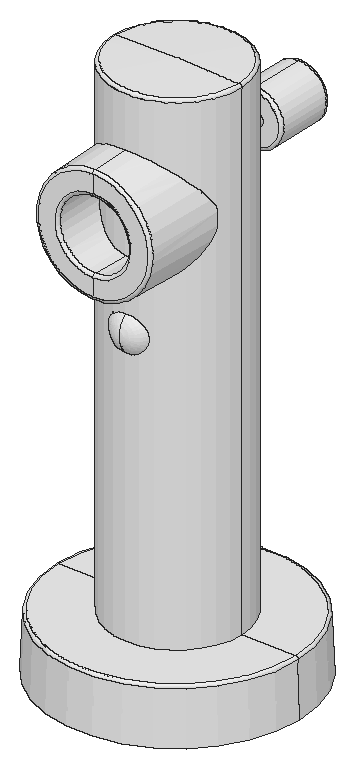
Revit family "Diverter_Tub_Spout-Grohe-Concetto-13366_Series", category Plumbing Fixtures, host Face, Revit 2018
Family settings
  Host = Face
  Round Connector Dimension = Use Diameter
  Part Type = Normal
  OmniClass Number = 23.45.05.14.21.11
  OmniClass Title = Bath/Shower Units
  Cut with Voids When Loaded = No
  Shared = Yes
  Room Calculation Point = No
Parameters (values of type "13366000")
  Width = 2 5/8"
  Waste Connection = no
  WFU = 4  # constant formula
  Vent Connection = no
  URL = "https://www.grohe.us"
  Type Comments = "Water efficient, GROHE StarLight chrome finish with pull diverter activation and slip fit installation."  # constant formula
  Tempered Water Connection = yes
  Tempered Connection Diameter = 5/8"
  Revised Date = "07/14/2021"
  Product Page URL = "https://www.grohe.us/Tub-Fillers/Diverter-Tub-Spout/GROHE-CHROME-13366000"
  Product Documentation Link = "https://americanstandard.box.com/shared/static/9fe7b6olmkteplhmno1lap3hjq67h9f5.pdf"
  Price = "Prices may vary. Please consult Manufacturer Representative for most up-to-date price list."  # constant formula
  Model = "13366000"
  Material = "Metal-Grohe-000-StarLight Chrome"
  Manufacturer = "Grohe"  # constant formula
  Length = 5 7/8"
  Installation Type = "Wall Mounted"  # constant formula
  IAPMO Compliance = "EC Certified,WaterSense"  # constant formula
  HWFU = 3  # constant formula
  Finish = Metal-Grohe-000-StarLight Chrome
  Description = "Concetto Diverter Tub Spout"  # constant formula
  Default Elevation = 21"  # constant formula
  Creation Date = "07/06/2017"  # constant formula
  CWFU = 3  # constant formula
  Assembly Code = "D2020300"
Types (2): name | Product Page URL | Model | Material | Finish
  13366000 | "https://www.grohe.us/Tub-Fillers/Diverter-Tub-Spout/GROHE-CHROME-13366000" | "13366000" | "Metal-Grohe-000-StarLight Chrome" | Metal-Grohe-000-StarLight Chrome
  13366EN0 | "https://www.grohe.us/Tub-Fillers/Diverter-Tub-Spout/GROHE-BRUSHED-NICKEL-13366EN0" | "13366EN0" | "Metal-Grohe-EN0-Brushed Nickel Infinity Finish" | Metal-Grohe-EN0-Brushed Nickel Infinity Finish
Reference planes (in)
  plane 1 "Center (Front/Back)": y = 0
  plane 2: z = 0
  plane 3 "Center (Left/Right)": x = 0
  plane 4: z = 4.6875
  plane 5: z = 5.875
  plane 6: x = -1.3125
  plane 7: x = 1.3125
  plane 8: y = -1.125
Forms (in)
  Revolve 1, solid, material "Metal-Grohe-000-StarLight Chrome" <- "Finish"
    sketch origin (0, 0, 0) x (1, 0, 0) y (0, 0, 1)
      loop
        line (1.2617, 0.59051) -> (0.6876, 0.59051) -> (0.6876, 5.83004)
        arc (0.6876, 5.83004) -> (0.6789, 5.85167) -> (0.65765, 5.86126) r 0.03125
        line (0.65765, 5.86126) -> (0, 5.875) -> (0, 0.14281) -> (0.3125, 0.14281) -> (0.3125, 0) -> (1.3125, 0) -> (1.29293, 0.56035)
        arc (1.29293, 0.56035) -> (1.28341, 0.58174) -> (1.2617, 0.59051) r 0.03125
      axis (0, 5.875) -> (0, 0)
    angle from 0 to 360
  Revolve 2, solid, material "Metal-Grohe-000-StarLight Chrome" <- "Finish"
    sketch origin (0, 0, 0) x (0, 1, 0) y (0, 0, 1)
      loop
        line (0.6876, 4.84248) -> (1.65354, 4.84248) -> (1.65354, 5.10651)
        arc (1.65354, 5.10651) -> (1.64439, 5.12861) -> (1.62229, 5.13776) r 0.03125
        line (1.62229, 5.13776) -> (1.05487, 5.13776)
        arc (1.05487, 5.13776) -> (1.03278, 5.12861) -> (1.02362, 5.10651) r 0.03125
        line (1.02362, 5.10651) -> (1.02362, 4.93618) -> (0.6876, 4.93618) -> (0.6876, 4.84248)
      axis (0.6876, 4.84248) -> (1.65354, 4.84248)
    angle from 0 to 360
  Revolve 3, solid, material "Metal-Grohe-000-StarLight Chrome" <- "Finish"
    sketch origin (0, 0, 0) x (0, 1, 0) y (0, 0, 1)
      loop
        line (-0.41397, 4.66532) -> (-0.0626, 4.66532) -> (-0.0626, 5.31488) -> (-1.09464, 5.28539)
        arc (-1.09464, 5.28539) -> (-1.11616, 5.27593) -> (-1.125, 5.25415) r 0.03125
        line (-1.125, 5.25415) -> (-1.125, 5.0697)
        arc (-1.125, 5.0697) -> (-1.11565, 5.04741) -> (-1.0932, 5.03846) r 0.03125
        line (-1.0932, 5.03846) -> (-0.41397, 5.05031) -> (-0.41397, 4.66532)
      axis (-1.125, 4.66532) -> (-0.0626, 4.66532)
    angle from 0 to 360
  Revolve 4, solid, material "Metal-Grohe-000-StarLight Chrome" <- "Finish"
    sketch origin (0, -1.35777, 0) x (0, 1, 0) y (0, 0, 1)
      loop
        arc (0.58791, 3.54155) -> (0.62669, 3.40614) -> (0.73128, 3.31179) r 0.25578
        line (0.73128, 3.31179) -> (0.73128, 3.54155) -> (0.58791, 3.54155)
      axis (0.58791, 3.54155) -> (0.73128, 3.54155)
    angle from 0 to 360
Cuts and joins
  joined: Revolve 1, Revolve 3
Lines and regions (in)
  Masking region 1
    outline origin (0, 0, 0) x (1, 0, 0) y (0, 0, 1)
      loop
        line (1.2617, 0.59051) -> (0.6876, 0.59051) -> (0.6876, 5.83229)
        arc (0.6876, 5.83229) -> (0.67864, 5.85419) -> (0.65689, 5.86353) r 0.03125
        line (0.65689, 5.86353) -> (0, 5.875) -> (-0.65689, 5.86353)
        arc (-0.65689, 5.86353) -> (-0.67864, 5.85419) -> (-0.6876, 5.83229) r 0.03125
        line (-0.6876, 5.83229) -> (-0.6876, 0.59051) -> (-1.2617, 0.59051)
        arc (-1.2617, 0.59051) -> (-1.28341, 0.58174) -> (-1.29293, 0.56035) r 0.03125
        line (-1.29293, 0.56035) -> (-1.3125, 0) -> (1.3125, 0) -> (1.29293, 0.56035)
        arc (1.29293, 0.56035) -> (1.28341, 0.58174) -> (1.2617, 0.59051) r 0.03125
  symbolic lines, detail levels medium+fine
    curve 1: circle (0, 0, 4.84248) r 0.29602 normal (0, -1, 0)
    curve 2: line (1.2617, 0, 0.59051) -> (-1.2617, 0, 0.59051)
Dimensions and locks (in)
  locked: Revolve 2 sketch curve to plane 4 at 0.15498
  Revolve 2 sketch curve to Revolve 2 sketch curve to Revolve 2 sketch curve to plane 1 "Center (Front/Back)" = 0.62992" locked, 0.33602" locked, 0.6876" locked
  locked: plane 4 to Revolve 3 sketch curve at 0.02218
  locked: level to cut or joined group of Revolve 1, Revolve 3 at 0.59051
  plane 4 to level = 4 11/16"
  locked: plane 1 "Center (Front/Back)" to plane 8 at 1.125
  locked: plane 1 "Center (Front/Back)" to Revolve 4 sketch curve at 0.62649
  "Width": plane 6 to plane 7
  "Length": level to plane 5
  level to plane 4 = 4 11/16"
  aligned and locked: plane 2 to host face
  aligned and locked: level to host face
  aligned and locked: curve 2 to cut or joined group of Revolve 1, Revolve 3
Automatic sketch dimensions
  curve 1 to plane 3 "Center (Left/Right)" = 0"
  plane 4 to curve 1 = 0.15498"
  curve 2 to plane 6 = 13/256"
  plane 7 to curve 2 = 13/256"
  level to curve 2 = 0.59051"
  host sketch curve to host sketch curve = 96"  (x2)
  Revolve 2 sketch curve to Revolve 2 sketch curve = 1/32"  (x2)
  plane 4 to Revolve 2 sketch curve = 0.15498"
  plane 4 to Revolve 2 sketch curve = 0.24868"
  Revolve 2 sketch curve to Revolve 2 sketch curve = 0.26403"
  Revolve 2 sketch curve to Revolve 2 sketch curve = 0"
  Revolve 2 sketch curve to Revolve 2 sketch curve = 1/4"
  Revolve 4 sketch curve to Revolve 4 sketch curve = 0.14337"
  Revolve 4 sketch curve to Revolve 4 sketch curve = 0.11241"
  Revolve 4 sketch curve to plane 4 = 1.37571"
  Revolve 4 sketch curve to Revolve 4 sketch curve = 3/128"
  Revolve 4 sketch curve to Revolve 4 sketch curve = 0.0338"
  Revolve 4 sketch curve to Revolve 4 sketch curve = 0"
  Masking region 1 sketch curve to level = 0"
  plane 6 to Masking region 1 sketch curve = 0"
  Masking region 1 sketch curve to plane 3 "Center (Left/Right)" = 0"
  plane 7 to Masking region 1 sketch curve = 0"
  Masking region 1 sketch curve to plane 5 = 0"
  Masking region 1 sketch curve to plane 6 = 0.01957"
  Masking region 1 sketch curve to Masking region 1 sketch curve = 1/32"  (x2)
  Masking region 1 sketch curve to Masking region 1 sketch curve = 0.5741"
  Masking region 1 sketch curve to plane 5 = 0.01147"  (x2)
  Masking region 1 sketch curve to Masking region 1 sketch curve = 0.0307"
  Masking region 1 sketch curve to plane 5 = 0.04271"
  plane 7 to Masking region 1 sketch curve = 0.65615"
  Masking region 1 sketch curve to Masking region 1 sketch curve = 0.00055"
  plane 7 to Masking region 1 sketch curve = 13/256"
  plane 7 to Masking region 1 sketch curve = 0.01957"
  level to Masking region 1 sketch curve = 0.55926"  (x2)
  Masking region 1 sketch curve to Masking region 1 sketch curve = 0.00109"  (x2)
  Revolve 1 sketch curve to plane 3 "Center (Left/Right)" = 0"  (x2)
  Revolve 1 sketch curve to level = 0"  (x2)
  plane 7 to Revolve 1 sketch curve = 0"
  Revolve 1 sketch curve to plane 5 = 0"
  level to Revolve 1 sketch curve = 0.14281"
  plane 3 "Center (Left/Right)" to Revolve 1 sketch curve = 5/16"
  plane 7 to Revolve 1 sketch curve = 0.65615"
  Revolve 1 sketch curve to Revolve 1 sketch curve = 1/32"
  plane 7 to Revolve 1 sketch curve = 13/256"
  plane 7 to Revolve 1 sketch curve = 0.01957"
  level to Revolve 1 sketch curve = 0.55926"
  Revolve 1 sketch curve to Revolve 1 sketch curve = 0.00109"
  Revolve 1 sketch curve to plane 5 = 0.01374"
  Revolve 1 sketch curve to Revolve 1 sketch curve = 0.00131"
  Revolve 1 sketch curve to level = 0.7874"
  Revolve 3 sketch curve to plane 8 = 0"
  Revolve 3 sketch curve to Revolve 3 sketch curve = 1/32"
  Revolve 3 sketch curve to Revolve 3 sketch curve = 0.00055"
  Revolve 3 sketch curve to plane 8 = 0.03036"
  Revolve 3 sketch curve to plane 8 = 1/32"
  Revolve 3 sketch curve to Revolve 3 sketch curve = 0.67924"
  plane 1 "Center (Front/Back)" to Revolve 3 sketch curve = 0.0626"
  Revolve 3 sketch curve to plane 4 = 0.02218"
  plane 4 to Revolve 3 sketch curve = 0.35096"
  Revolve 3 sketch curve to Revolve 3 sketch curve = 0.01186"
  Revolve 3 sketch curve to Revolve 3 sketch curve = 0.18445"
  Revolve 3 sketch curve to plane 5 = 0.56012"
  Revolve 3 sketch curve to Revolve 3 sketch curve = 0.27363"
  Revolve 3 sketch curve to Revolve 3 sketch curve = 0.21839"
  radius of curve 1 = 0.29602"
Connectors (in)
  piping at (0, 0, 0), diameter 0.625, driven by "Tempered Connection Diameter"
    settings: on cut or joined group of Revolve 1, Revolve 3, index 1, connector inside diameter 24", connector length 0", flow factor 0, pipe flow 0 GPM, pressure drop 0.00 psi, fitting loss kfactor 0, connector angle 0.00°, fixture units 0, engagement length 0", angle of deflection 0.00°, flow configuration 2, flow direction 1, fitting loss method 0, system type 29, joint type 0, gender type 0, connector reference index -1, connector utility 0, adjustable connector no, is connector primary yes, connector description "5/8\" NPT Supply Inlet"
